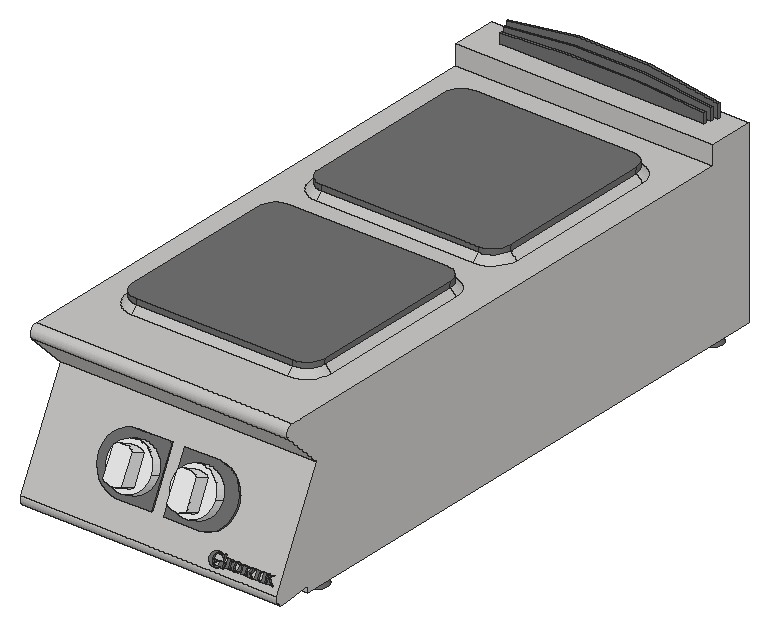
Revit family "QF_GIORIK_CE92QT", category Specialty Equipment, Revit 2014
Parameters (values of type "CE92QT")
  Weight in Pounds = 99.2079
  Watts = 8000 W
  Volts = 400 V
  URL Cutsheet = "www.giorik.com"
  URL = "www.giorik.com"
  Status [instance] = ""
  Specification by User [instance] = ""
  Specification by Manufacturer = ""
  Show Logo [instance] = yes
  Show Clearance [instance] = yes
  Serial Number = ""
  Seismic Rating = ""
  SMACNA No = ""
  Revision Code [instance] = ""
  Phase = 3
  Number of Poles [instance] = 3
  NAFEM Spec ID Number = ""
  Model = "CE92QT"
  Min Ckt Ampacity = 0 A
  Max Overcurrent Protection = 0 A
  Masterspec = ""
  Manufacturer = "GIORIK"
  Item Number [instance] = ""
  Installed By [instance] = ""
  Identify Quantity as Lot [instance] = no
  HP = "10.728160000000"
  Furnished By [instance] = ""
  Foodservice Equipment Identifier [instance] = yes
  FL Amps = 0 A
  Electrical Remarks [instance] = ""
  Electric Connection Type [instance] = ""
  Elec Conn RI Height [instance] = 0 mm
  Elec Conn Connection Height [instance] = 20 mm
  Description = "2 ELECTRIC PLATE HOB - COUNTERTOP VERSION"
  Cycle = 50 Hz
  Conn Plug = ""
  CSI MasterFormat = ""
  Assembly Code = "E1090320"
  Apparent Power = 8000 VA
Reference planes
  plane 1 "Back": y = 0
  plane 2: z = 0
  plane 3 "Left": x = 0
  plane 4 "Right": x = 400
  plane 5 "Front": y = -920
  plane 6 "Top": z = 299.998
Forms (mm)
  Extrusion 1, solid, visible <- "Show Logo"
    sketch origin (196.604, -936.624, 9.484) x (-1, 0, 0) y (0, 0.452718, 0.891654)
      loop
        line (-118.824, 58.358) -> (-127.804, 58.358) -> (-125.523, 56.445) -> (-125.523, 48.027) -> (-127.804, 46.113) -> (-118.824, 46.113) -> (-121.105, 48.027) -> (-121.105, 56.445) -> (-118.824, 58.358)
      loop
        line (-163.721, 58.358) -> (-172.7, 58.358) -> (-170.42, 56.445) -> (-170.42, 48.027) -> (-172.7, 46.113) -> (-163.721, 46.113) -> (-166.001, 48.027) -> (-166.001, 56.445) -> (-163.721, 58.358)
      loop
        line (-174.332, 58.358) -> (-183.312, 58.358) -> (-181.031, 56.445) -> (-181.031, 52.435) -> (-186.419, 56.955) -> (-184.416, 58.358) -> (-191.268, 58.358) -> (-188.01, 56.839) -> (-185.455, 54.283) -> (-190.846, 47.858) -> (-193.396, 46.93) -> (-193.396, 46.113) -> (-184.416, 46.113) -> (-185.437, 47.571) -> (-182.443, 51.552) -> (-181.031, 50.894) -> (-181.031, 48.027) -> (-183.312, 46.113) -> (-174.332, 46.113) -> (-176.613, 48.027) -> (-176.613, 56.445) -> (-174.332, 58.358)
      loop
        line (-115.429, 62.063) -> (-115.429, 54.198)
        arc (-115.429, 54.198) -> (-111.618, 57.803) -> (-106.847, 59.986) r 16.039
        arc (-106.847, 59.986) -> (-103.314, 59.837) -> (-100.512, 57.68) r 5.851
        arc (-100.512, 57.68) -> (-98.815, 52.267) -> (-100.512, 46.853) r 9.479
        arc (-100.512, 46.853) -> (-102.406, 44.986) -> (-104.846, 43.93) r 7.236
        arc (-104.846, 43.93) -> (-107.728, 44.111) -> (-110.052, 45.825) r 5.11
        line (-110.052, 45.825) -> (-110.052, 52.001) -> (-116.141, 52.001) -> (-116.141, 45.503) -> (-117.893, 43.751) -> (-114.094, 44.769)
        arc (-114.094, 44.769) -> (-112.56, 44.947) -> (-111.129, 44.366) r 3.115
        arc (-111.129, 44.366) -> (-104.216, 42.091) -> (-97.303, 44.366) r 11.641
        arc (-97.303, 44.366) -> (-93.396, 52.107) -> (-97.303, 59.849) r 9.622
        arc (-97.303, 59.849) -> (-104.369, 62.174) -> (-111.435, 59.849) r 11.898
        line (-111.435, 59.849) -> (-115.429, 62.063)
      loop
        arc (-129.234, 56.068) -> (-135.893, 58.628) -> (-142.552, 56.068) r 9.941
        arc (-142.552, 56.068) -> (-144.234, 52.286) -> (-142.552, 48.505) r 5.093
        arc (-142.552, 48.505) -> (-135.893, 45.945) -> (-129.234, 48.505) r 9.941
        arc (-129.234, 48.505) -> (-127.552, 52.286) -> (-129.234, 56.068) r 5.093
      loop
        arc (-132.628, 54.403) -> (-135.893, 57.668) -> (-139.158, 54.403) r 3.265
        line (-139.158, 54.403) -> (-139.158, 50.169)
        arc (-139.158, 50.169) -> (-135.893, 46.904) -> (-132.628, 50.169) r 3.265
        line (-132.628, 50.169) -> (-132.628, 54.403)
      loop
        arc (-156.363, 58.365) -> (-159.647, 55.081) -> (-156.363, 51.796) r 3.285
        line (-156.363, 51.796) -> (-159.529, 47.306) -> (-162.087, 46.113) -> (-155.847, 46.113) -> (-153.529, 51.083) -> (-150.637, 51.083) -> (-150.637, 47.784) -> (-153.022, 46.113) -> (-144.011, 46.113) -> (-146.094, 47.68) -> (-146.094, 56.493) -> (-144.229, 58.365) -> (-156.363, 58.365)
      loop
        line (-150.637, 57.512) -> (-153.637, 57.512)
        arc (-153.637, 57.512) -> (-156.237, 54.912) -> (-153.637, 52.312) r 2.6
        line (-153.637, 52.312) -> (-150.637, 52.312) -> (-150.637, 57.512)
      loop
        line (-108.924, 52.001) -> (-104.936, 49.005) -> (-100.948, 52.001) -> (-108.924, 52.001)
    from 1.5 to -0.5
  Extrusion 2, solid
    sketch origin (-4, 0.138, 4.998) x (1, 0, 0) y (0, 1, 0)
      loop
        circle (54, -385) r 12.5
    from 0 to 15
  Extrusion 3, solid
    sketch origin (0, 800.138, -620.002) x (0, 1, 0) y (0, 0, 1)
      loop
        line (-800.138, 919.988) -> (-870.138, 919.988) -> (-870.138, 889.988) -> (-1688.806, 889.988)
        arc (-1688.806, 889.988) -> (-1699.151, 883.075) -> (-1696.724, 870.873) r 11.197
        line (-1696.724, 870.873) -> (-1640.876, 815.025) -> (-1718.948, 661.258)
        arc (-1718.948, 661.258) -> (-1718.233, 650.105) -> (-1708.118, 645.354) r 10.981
        line (-1708.118, 645.354) -> (-1660, 649.925) -> (-1660, 640) -> (-800.138, 640) -> (-800.138, 919.988)
    from 0 to 400
  Extrusion 4, solid
    sketch origin (-273.221, -1163.208, -547.64) x (1, 0, 0) y (0, 0.452718, 0.891654)
      loop
        line (463.221, 676.25) -> (463.221, 766.25) -> (409.698, 766.25)
        arc (409.698, 766.25) -> (364.698, 721.25) -> (409.698, 676.25) r 45
        line (409.698, 676.25) -> (463.221, 676.25)
    from 48 to 50
  Extrusion 5, solid
    sketch origin (501.331, -1208.559, -525.044) x (-1, 0, 0) y (0, -0.45351, -0.891251)
      loop
        circle (351.331, -721.346) r 35
    from 0 to 15
  Extrusion 6, solid
    sketch origin (501.331, -1208.559, -525.044) x (-1, 0, 0) y (0, -0.45351, -0.891251)
      loop
        arc (336.331, -743.846) -> (351.331, -748.846) -> (366.331, -743.846) r 25
        line (366.331, -743.846) -> (366.331, -698.846)
        arc (366.331, -698.846) -> (351.331, -693.846) -> (336.331, -698.846) r 25
        line (336.331, -698.846) -> (336.331, -743.846)
    from 15 to 40
  Extrusion 7, solid
    sketch origin (-94, 0, -610.004) x (1, 0, 0) y (0, 0, 1)
      loop
        line (135, 909.989) -> (453, 909.989) -> (453, 925.527) -> (347.056, 931.749) -> (240.944, 931.749) -> (135, 925.527) -> (135, 909.989)
    from 32 to 35
  Extrusion 8, solid
    sketch origin (-92, 10, -610.004) x (1, 0, 0) y (0, 0, 1)
      loop
        line (454, 909.989) -> (454, 928.527) -> (346.162, 939.193) -> (237.838, 939.193) -> (130, 928.527) -> (130, 909.989) -> (454, 909.989)
    from 32 to 35
  Extrusion 9, solid
    sketch origin (-90, 20, -610.004) x (1, 0, 0) y (0, 0, 1)
      loop
        line (455, 909.989) -> (455, 930.527) -> (345.396, 947.413) -> (234.604, 947.413) -> (125, 930.527) -> (125, 909.989) -> (455, 909.989)
    from 32 to 35
  Extrusion 10, solid
    sketch origin (673.255, -1163.208, -547.64) x (-1, 0, 0) y (0, -0.452718, -0.891654)
      loop
        line (463.221, -676.25) -> (409.698, -676.25)
        arc (409.698, -676.25) -> (364.698, -721.25) -> (409.698, -766.25) r 45
        line (409.698, -766.25) -> (463.221, -766.25) -> (463.221, -676.25)
    from 48 to 50
  Extrusion 11, solid
    sketch origin (-101.297, -1208.559, -525.044) x (1, 0, 0) y (0, 0.45351, 0.891251)
      loop
        circle (351.331, 721.346) r 35
    from 0 to 15
  Extrusion 12, solid
    sketch origin (-101.297, -1208.559, -525.044) x (1, 0, 0) y (0, 0.45351, 0.891251)
      loop
        line (336.331, 743.846) -> (336.331, 698.846)
        arc (336.331, 698.846) -> (351.331, 693.846) -> (366.331, 698.846) r 25
        line (366.331, 698.846) -> (366.331, 743.846)
        arc (366.331, 743.846) -> (351.331, 748.846) -> (336.331, 743.846) r 25
    from 15 to 40
  Extrusion 13, solid
    sketch origin (10, 2.638, 264.985) x (0, 1, 0) y (-1, 0, 0)
      loop
        arc (-131.5, -68) -> (-139.701, -48.201) -> (-159.5, -40) r 28
        line (-159.5, -40) -> (-403.5, -40)
        arc (-403.5, -40) -> (-423.299, -48.201) -> (-431.5, -68) r 28
        line (-431.5, -68) -> (-431.5, -312)
        arc (-431.5, -312) -> (-423.299, -331.799) -> (-403.5, -340) r 28
        line (-403.5, -340) -> (-159.5, -340)
        arc (-159.5, -340) -> (-139.701, -331.799) -> (-131.5, -312) r 28
        line (-131.5, -312) -> (-131.5, -68)
    from 23 to 15
  Blend 14, solid
    base sketch origin (754.36, -819.867, 269.985) x (0, 1, 0) y (-1, 0, 0)
      loop
        arc (701.004, 677.36) -> (690.167, 703.523) -> (664.004, 714.36) r 37
        line (664.004, 714.36) -> (418.004, 714.36)
        arc (418.004, 714.36) -> (391.841, 703.523) -> (381.004, 677.36) r 37
        line (381.004, 677.36) -> (381.004, 431.362)
        arc (381.004, 431.362) -> (391.841, 405.199) -> (418.004, 394.362) r 37
        line (418.004, 394.362) -> (664.004, 394.362)
        arc (664.004, 394.362) -> (690.167, 405.199) -> (701.004, 431.362) r 37
        line (701.004, 431.362) -> (701.004, 677.36)
    top sketch origin (754.36, -819.867, 299.998) x (0, 1, 0) y (-1, 0, 0)
      loop
        arc (691.004, 676.36) -> (682.803, 696.159) -> (663.004, 704.36) r 28
        line (663.004, 704.36) -> (419.004, 704.36)
        arc (419.004, 704.36) -> (399.205, 696.159) -> (391.004, 676.36) r 28
        line (391.004, 676.36) -> (391.004, 432.36)
        arc (391.004, 432.36) -> (399.205, 412.561) -> (419.004, 404.36) r 28
        line (419.004, 404.36) -> (663.004, 404.36)
        arc (663.004, 404.36) -> (682.803, 412.561) -> (691.004, 432.36) r 28
        line (691.004, 432.36) -> (691.004, 676.36)
    from 0 to -20.012
  Extrusion 15, solid
    sketch origin (10, -912.362, 264.985) x (0, -1, 0) y (1, 0, 0)
      loop
        line (-121.5, 68) -> (-121.5, 311.998)
        arc (-121.5, 311.998) -> (-129.701, 331.797) -> (-149.5, 339.998) r 28
        line (-149.5, 339.998) -> (-393.5, 339.998)
        arc (-393.5, 339.998) -> (-413.299, 331.797) -> (-421.5, 311.998) r 28
        line (-421.5, 311.998) -> (-421.5, 68)
        arc (-421.5, 68) -> (-413.299, 48.201) -> (-393.5, 40) r 28
        line (-393.5, 40) -> (-149.5, 40)
        arc (-149.5, 40) -> (-129.701, 48.201) -> (-121.5, 68) r 28
    from 23 to 15
  Blend 16, solid
    base sketch origin (754.36, -89.858, 269.985) x (0, -1, 0) y (1, 0, 0)
      loop
        line (710.004, -676.36) -> (710.004, -432.362)
        arc (710.004, -432.362) -> (699.167, -406.199) -> (673.004, -395.362) r 37
        line (673.004, -395.362) -> (429.004, -395.362)
        arc (429.004, -395.362) -> (402.841, -406.199) -> (392.004, -432.362) r 37
        line (392.004, -432.362) -> (392.004, -676.36)
        arc (392.004, -676.36) -> (402.841, -702.523) -> (429.004, -713.36) r 37
        line (429.004, -713.36) -> (673.004, -713.36)
        arc (673.004, -713.36) -> (699.167, -702.523) -> (710.004, -676.36) r 37
    top sketch origin (754.36, -89.858, 299.998) x (0, -1, 0) y (1, 0, 0)
      loop
        line (701.004, -676.36) -> (701.004, -432.362)
        arc (701.004, -432.362) -> (692.803, -412.563) -> (673.004, -404.362) r 28
        line (673.004, -404.362) -> (429.004, -404.362)
        arc (429.004, -404.362) -> (409.205, -412.563) -> (401.004, -432.362) r 28
        line (401.004, -432.362) -> (401.004, -676.36)
        arc (401.004, -676.36) -> (409.205, -696.159) -> (429.004, -704.36) r 28
        line (429.004, -704.36) -> (673.004, -704.36)
        arc (673.004, -704.36) -> (692.803, -696.159) -> (701.004, -676.36) r 28
    from 0 to -20.012
  Extrusion 17, solid
    sketch origin (543.603, 45.3, -30) x (0, 1, 0) y (-1, 0, 0)
      loop
        circle (-79.293, 516.603) r 5
    from 41.965 to 50
  Revolve 18, solid
    sketch origin (27, 49.949, -600) x (0, 1, 0) y (0, 0, 1)
      loop
        line (-83.943, 611.965) -> (-94.752, 611.965) -> (-97.943, 600) -> (-83.943, 600) -> (-83.943, 611.965)
      axis (-83.943, 611.965) -> (-83.943, 600)
    angle from 0 to 360
  Extrusion 19, solid
    sketch origin (-143.603, 45.3, -30) x (0, 1, 0) y (-1, 0, 0)
      loop
        circle (-79.293, -516.603) r 5
    from 41.965 to 50
  Revolve 20, solid
    sketch origin (373, 49.949, -600) x (0, 1, 0) y (0, 0, -1)
      loop
        line (-83.943, -611.965) -> (-83.943, -600) -> (-97.943, -600) -> (-94.752, -611.965) -> (-83.943, -611.965)
      axis (-83.943, -611.965) -> (-83.943, -600)
    angle from 0 to 360
  Extrusion 21, solid
    sketch origin (543.603, -724.568, -30) x (0, 1, 0) y (-1, 0, 0)
      loop
        circle (-79.293, 516.603) r 5
    from 41.965 to 50
  Revolve 22, solid
    sketch origin (27, -719.918, -600) x (0, 1, 0) y (0, 0, 1)
      loop
        line (-83.943, 611.965) -> (-94.752, 611.965) -> (-97.943, 600) -> (-83.943, 600) -> (-83.943, 611.965)
      axis (-83.943, 611.965) -> (-83.943, 600)
    angle from 0 to 360
  Extrusion 23, solid
    sketch origin (-143.603, -724.568, -30) x (0, 1, 0) y (-1, 0, 0)
      loop
        circle (-79.293, -516.603) r 5
    from 41.965 to 50
  Revolve 24, solid
    sketch origin (373, -719.918, -600) x (0, 1, 0) y (0, 0, -1)
      loop
        line (-83.943, -611.965) -> (-83.943, -600) -> (-97.943, -600) -> (-94.752, -611.965) -> (-83.943, -611.965)
      axis (-83.943, -611.965) -> (-83.943, -600)
    angle from 0 to 360
Lines and regions (mm)
  symbolic lines, style "200-EquipBorder-2D"
    curve 1: line (0, -919.862, 0) -> (400, -919.862, 0)
    curve 2: line (400, -919.862, 0) -> (400, 0, 0)
    curve 3: line (400, 0, 0) -> (0, 0, 0)
    curve 4: line (0, 0, 0) -> (0, -919.862, 0)
  symbolic lines, style "200-EquipInternal-2D"
    curve 5: line (0, -70, 299.998) -> (400, -70, 299.998)
    curve 6: line (35, -12, 900) -> (365, -12, 900)
    curve 7: line (365, -12, 900) -> (365, -15, 900)
    curve 8: line (365, -15, 900) -> (35, -15, 900)
    curve 9: line (35, -15, 900) -> (35, -12, 900)
    curve 10: line (38, -22, 900) -> (362, -22, 900)
    curve 11: line (362, -22, 900) -> (362, -25, 900)
    curve 12: line (362, -25, 900) -> (38, -25, 900)
    curve 13: line (38, -25, 900) -> (38, -22, 900)
    curve 14: line (41, -32, 900) -> (359, -32, 900)
    curve 15: line (359, -32, 900) -> (359, -35, 900)
    curve 16: line (359, -35, 900) -> (41, -35, 900)
    curve 17: line (41, -35, 900) -> (41, -32, 900)
    curve 18: line (40, -401.862, 299.998) -> (40, -155.862, 299.998)
    curve 19: line (50, -156.862, 299.998) -> (50, -400.862, 299.998)
    curve 20: arc (78, -128.862, 299.998) -> (58.201, -137.063, 299.998) -> (50, -156.862, 299.998) r 28
    curve 21: line (77, -118.862, 299.998) -> (322.998, -118.862, 299.998)
    curve 22: arc (40, -155.862, 299.998) -> (50.837, -129.699, 299.998) -> (77, -118.862, 299.998) r 37
    curve 23: line (322, -128.862, 299.998) -> (78, -128.862, 299.998)
    curve 24: line (350, -400.862, 299.998) -> (350, -156.862, 299.998)
    curve 25: arc (322.998, -118.862, 299.998) -> (349.161, -129.699, 299.998) -> (359.998, -155.862, 299.998) r 37
    curve 26: line (359.998, -155.862, 299.998) -> (359.998, -401.862, 299.998)
    curve 27: arc (350, -156.862, 299.998) -> (341.799, -137.063, 299.998) -> (322, -128.862, 299.998) r 28
    curve 28: arc (77, -438.862, 299.998) -> (50.837, -428.025, 299.998) -> (40, -401.862, 299.998) r 37
    curve 29: line (322.998, -438.862, 299.998) -> (77, -438.862, 299.998)
    curve 30: arc (359.998, -401.862, 299.998) -> (349.161, -428.025, 299.998) -> (322.998, -438.862, 299.998) r 37
    curve 31: line (78, -428.862, 299.998) -> (322, -428.862, 299.998)
    curve 32: arc (322, -428.862, 299.998) -> (341.799, -420.661, 299.998) -> (350, -400.862, 299.998) r 28
    curve 33: arc (50, -400.862, 299.998) -> (58.201, -420.661, 299.998) -> (78, -428.862, 299.998) r 28
    curve 34: line (41, -762.862, 299.998) -> (41, -518.862, 299.998)
    curve 35: arc (78, -490.862, 299.998) -> (58.201, -499.063, 299.998) -> (50, -518.862, 299.998) r 28
    curve 36: line (50, -518.862, 299.998) -> (50, -762.862, 299.998)
    curve 37: arc (41, -518.862, 299.998) -> (51.837, -492.699, 299.998) -> (78, -481.862, 299.998) r 37
    curve 38: line (321.998, -490.862, 299.998) -> (78, -490.862, 299.998)
    curve 39: line (78, -481.862, 299.998) -> (321.998, -481.862, 299.998)
    curve 40: arc (321.998, -481.862, 299.998) -> (348.161, -492.699, 299.998) -> (358.998, -518.862, 299.998) r 37
    curve 41: arc (349.998, -518.862, 299.998) -> (341.797, -499.063, 299.998) -> (321.998, -490.862, 299.998) r 28
    curve 42: line (349.998, -762.862, 299.998) -> (349.998, -518.862, 299.998)
    curve 43: line (358.998, -518.862, 299.998) -> (358.998, -762.862, 299.998)
    curve 44: arc (358.998, -762.862, 299.998) -> (348.161, -789.025, 299.998) -> (321.998, -799.862, 299.998) r 37
    curve 45: arc (321.998, -790.862, 299.998) -> (341.797, -782.661, 299.998) -> (349.998, -762.862, 299.998) r 28
    curve 46: line (321.998, -799.862, 299.998) -> (78, -799.862, 299.998)
    curve 47: line (78, -790.862, 299.998) -> (321.998, -790.862, 299.998)
    curve 48: arc (78, -799.862, 299.998) -> (51.837, -789.025, 299.998) -> (41, -762.862, 299.998) r 37
    curve 49: arc (50, -762.862, 299.998) -> (58.201, -782.661, 299.998) -> (78, -790.862, 299.998) r 28
Dimensions and locks
  plane 3 "Left" to plane 4 "Right" = 400 mm
  plane 5 "Front" to plane 1 "Back" = 920 mm
  plane 4 "Right" to plane 3 "Left" = 400 mm
  plane 1 "Back" to plane 5 "Front" = 920 mm
  plane 6 "Top" to level = 299.998 mm  (x2)
  aligned and locked: level to plane 2
Connectors
  electrical at (50, -384.862, 4.998), driven by "Apparent Power", driven by "Volts", driven by "Number of Poles"
    settings: on Extrusion 2, index 1, voltage 400 V, apparent load 0 VA, apparent load phase1 8000 VA, apparent load phase2 0 VA, apparent load phase3 0 VA, power factor 1, load classification "Other", number of poles 3, system type 31, power factor state 1, is connector primary yes, connector utility no, sub classification motor no, connector description "Electrical connection"
